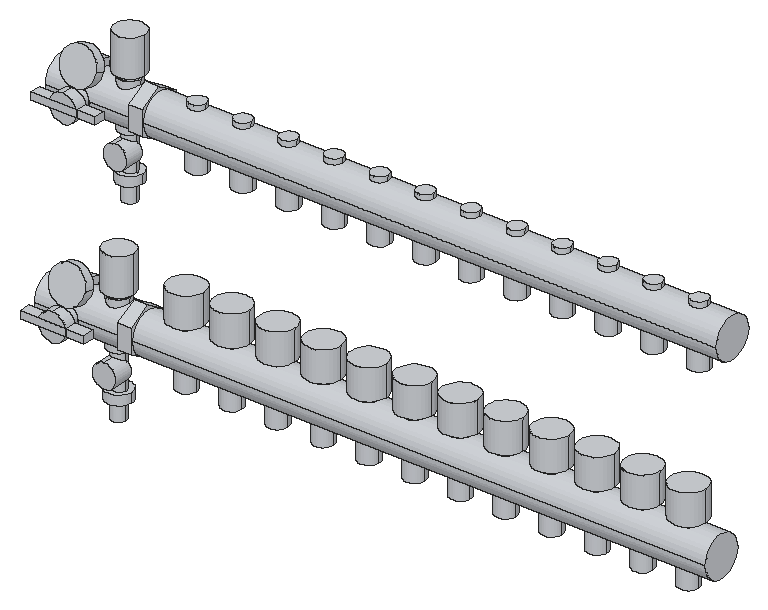
Revit family "318_dba5bdd3bf904ccfaea6eb69f10d84", category Pipe Accessories, Revit 2017 (continued)
Connectors
  piping at (299, -15, -248), diameter 18, driven by "Flow return 4", driven by "RBP4"
    settings: on Extrusion 104, index 18, connector inside diameter 609.6 mm, connector length 0 mm, flow factor 0, pipe flow 0.0 L/s, pressure drop 0.0 Pa, fitting loss kfactor 0, connector angle 0.00°, fixture units 0, engagement length 0 mm, angle of deflection 0.00°, flow configuration 0, flow direction 1, fitting loss method 0, system type 8, joint type 0, gender type 0, connector reference index -1, connector utility 0, adjustable connector no, is connector primary no, connector description "Branch_2_4"
  piping at (349, -15, -248), diameter 18, driven by "Flow return 5", driven by "RBP5"
    settings: on Extrusion 105, index 19, connector inside diameter 609.6 mm, connector length 0 mm, flow factor 0, pipe flow 0.0 L/s, pressure drop 0.0 Pa, fitting loss kfactor 0, connector angle 0.00°, fixture units 0, engagement length 0 mm, angle of deflection 0.00°, flow configuration 0, flow direction 1, fitting loss method 0, system type 8, joint type 0, gender type 0, connector reference index -1, connector utility 0, adjustable connector no, is connector primary no, connector description "Branch_2_5"
  piping at (399, -15, -248), diameter 18, driven by "Flow return 6", driven by "RBP6"
    settings: on Extrusion 106, index 20, connector inside diameter 609.6 mm, connector length 0 mm, flow factor 0, pipe flow 0.0 L/s, pressure drop 0.0 Pa, fitting loss kfactor 0, connector angle 0.00°, fixture units 0, engagement length 0 mm, angle of deflection 0.00°, flow configuration 0, flow direction 1, fitting loss method 0, system type 8, joint type 0, gender type 0, connector reference index -1, connector utility 0, adjustable connector no, is connector primary no, connector description "Branch_2_6"
  piping at (449, -15, -248), diameter 18, driven by "Flow return 7", driven by "RBP7"
    settings: on Extrusion 107, index 21, connector inside diameter 609.6 mm, connector length 0 mm, flow factor 0, pipe flow 0.0 L/s, pressure drop 0.0 Pa, fitting loss kfactor 0, connector angle 0.00°, fixture units 0, engagement length 0 mm, angle of deflection 0.00°, flow configuration 0, flow direction 1, fitting loss method 0, system type 8, joint type 0, gender type 0, connector reference index -1, connector utility 0, adjustable connector no, is connector primary no, connector description "Branch_2_7"
  piping at (499, -15, -248), diameter 18, driven by "Flow return 8", driven by "RBP8"
    settings: on Extrusion 109, index 22, connector inside diameter 609.6 mm, connector length 0 mm, flow factor 0, pipe flow 0.0 L/s, pressure drop 0.0 Pa, fitting loss kfactor 0, connector angle 0.00°, fixture units 0, engagement length 0 mm, angle of deflection 0.00°, flow configuration 0, flow direction 1, fitting loss method 0, system type 8, joint type 0, gender type 0, connector reference index -1, connector utility 0, adjustable connector no, is connector primary no, connector description "Branch_2_8"
  piping at (549, -15, -248), diameter 18, driven by "Flow return 9", driven by "RBP9"
    settings: on Extrusion 108, index 23, connector inside diameter 609.6 mm, connector length 0 mm, flow factor 0, pipe flow 0.0 L/s, pressure drop 0.0 Pa, fitting loss kfactor 0, connector angle 0.00°, fixture units 0, engagement length 0 mm, angle of deflection 0.00°, flow configuration 0, flow direction 1, fitting loss method 0, system type 8, joint type 0, gender type 0, connector reference index -1, connector utility 0, adjustable connector no, is connector primary no, connector description "Branch_2_9"
  piping at (599, -15, -248), diameter 18, driven by "Flow return 10", driven by "RBP10"
    settings: on Extrusion 112, index 24, connector inside diameter 609.6 mm, connector length 0 mm, flow factor 0, pipe flow 0.0 L/s, pressure drop 0.0 Pa, fitting loss kfactor 0, connector angle 0.00°, fixture units 0, engagement length 0 mm, angle of deflection 0.00°, flow configuration 0, flow direction 1, fitting loss method 0, system type 8, joint type 0, gender type 0, connector reference index -1, connector utility 0, adjustable connector no, is connector primary no, connector description "Branch_2_10"
  piping at (649, -15, -248), diameter 18, driven by "Flow return 11", driven by "RBP11"
    settings: on Extrusion 110, index 25, connector inside diameter 609.6 mm, connector length 0 mm, flow factor 0, pipe flow 0.0 L/s, pressure drop 0.0 Pa, fitting loss kfactor 0, connector angle 0.00°, fixture units 0, engagement length 0 mm, angle of deflection 0.00°, flow configuration 0, flow direction 1, fitting loss method 0, system type 8, joint type 0, gender type 0, connector reference index -1, connector utility 0, adjustable connector no, is connector primary no, connector description "Branch_2_11"
  piping at (699, -15, -248), diameter 18, driven by "Flow return 12", driven by "RBP12"
    settings: on Extrusion 111, index 26, connector inside diameter 609.6 mm, connector length 0 mm, flow factor 0, pipe flow 0.0 L/s, pressure drop 0.0 Pa, fitting loss kfactor 0, connector angle 0.00°, fixture units 0, engagement length 0 mm, angle of deflection 0.00°, flow configuration 0, flow direction 1, fitting loss method 0, system type 8, joint type 0, gender type 0, connector reference index -1, connector utility 0, adjustable connector no, is connector primary no, connector description "Branch_2_12"
